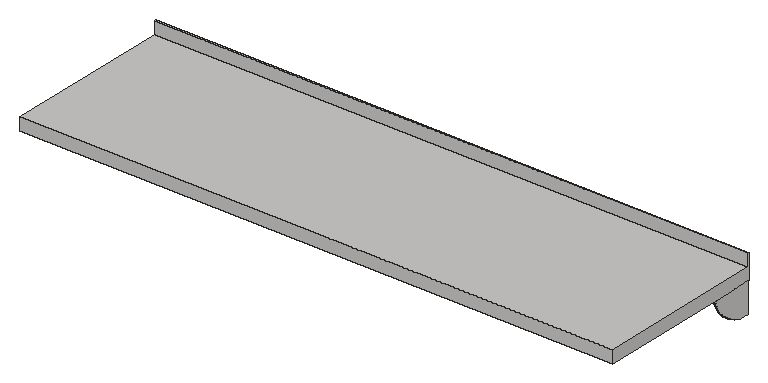
Revit family "QF_ZANUSSI_132825_WSS144N", category Attrezzature speciali, Revit 2020
Family settings
  Quota connettore circolare = Usa diametro
  Tipo di parte = Normale
  Basato su piano di lavoro = No
  Sempre verticale = Sì
  Taglio con vuoti quando caricato = No
  Condiviso = No
  Punto di calcolo locali = No
Parameters (values of type "Standard")
  Weight = 6.00 kg
  Watts = 0 W
  Volts = 0 V
  URL Manufacturer = "http://www.zanussiprofessional.com"
  URL = "http://www.zanussiprofessional.com"
  Steam Supply Size = 0 mm
  Steam Supply Minimum Pressure = 0.0 Pa
  Steam Supply Maximum Pressure = 0.0 Pa
  Steam Consumption per Hour = 0
  Refrigeration Suction Line Size = 0.0 mm
  Refrigeration Liquid Line Size = 0.0 mm
  Refrigerant Compressor Remote = yes
  Prospetto di default = 0.0 mm
  Produttore = "Zanussi"
  Phase = 0
  Modello = "WSS144N"
  Length Actual = 1400.0 mm  # constant formula
  Item Number = "132825"
  Hot Water Size = 0 mm
  Height Actual = 30.0 mm  # constant formula
  HP = "0 HP"
  Gas Size = 0 mm
  Gas KW = 0
  Gas Input Pressure = 0 W
  Direct Waste Size = 0 mm
  Descrizione = "SOLID WALL SHELF WITH BRACKETS 1400 MM"
  Depth Actual = 400.0 mm  # constant formula
  Cycle = 0 Hz
  Condensate Return Size = 0 mm
  Compressed Air Volume = 0.0 L/s
  Compressed Air Size = 0 mm
  Compressed Air Pressure = 0.0 Pa
  Cold Water Size = 0 mm
  Accessory = yes
Reference planes
  plane 1 "Center (Front/Back)": y = 0
  plane 2: z = 0
  plane 3 "Center (Left/Right)": x = -200
  plane 4 "LEFT": x = -900
  plane 5 "RIGHT": x = 500
  plane 6 "BACK": y = 50
  plane 7 "FRONT": y = -350
  plane 8 "TOP": z = 132
  plane 9: z = 102
  plane 10: z = 72
Forms (mm)
  Extrusion 1, solid, material "QF_Finishes_Stainless Steel"
    sketch origin (-200, 0, 0) x (0, 1, 0) y (0, 0, 1)
      loop
        line (48, 102) -> (-350, 102) -> (-350, 72) -> (50, 72) -> (50, 132) -> (48, 132) -> (48, 102)
    from 700 to -700
  Extrusion 2, solid, material "QF_Finishes_Stainless Steel"
    sketch origin (-900, 0, 0) x (0, 1, 0) y (0, 0, 1)
      loop
        line (50, 72) -> (-50, 72)
        arc (-50, 72) -> (-13.401, 19.967) -> (47, 0) r 101.34
        line (47, 0) -> (50, 0) -> (50, 72)
    from 0 to 3
  Extrusion 3, solid, material "QF_Finishes_Stainless Steel"
    sketch origin (500, 0, 0) x (0, 1, 0) y (0, 0, 1)
      loop
        line (50, 72) -> (-50, 72)
        arc (-50, 72) -> (-13.401, 19.967) -> (47, 0) r 101.34
        line (47, 0) -> (50, 0) -> (50, 72)
    from 0 to -3
  Extrusion 4, solid, material "QF_Finishes_Stainless Steel"
    sketch origin (0, 50, 0) x (-1, 0, 0) y (0, 0, 1)
      loop
        line (897, 72) -> (870, 72) -> (870, 0) -> (897, 0) -> (897, 72)
      loop
        arc (878.5, 10) -> (875.5, 7) -> (878.5, 4) r 3
        line (878.5, 4) -> (888.5, 4)
        arc (888.5, 4) -> (891.5, 7) -> (888.5, 10) r 3
        line (888.5, 10) -> (878.5, 10)
    from 0 to -3
  Extrusion 5, solid, material "QF_Finishes_Stainless Steel"
    sketch origin (0, 50, 0) x (1, 0, 0) y (0, 0, -1)
      loop
        line (497, -72) -> (497, 0) -> (470, 0) -> (470, -72) -> (497, -72)
      loop
        line (478.5, -10) -> (488.5, -10)
        arc (488.5, -10) -> (491.5, -7) -> (488.5, -4) r 3
        line (488.5, -4) -> (478.5, -4)
        arc (478.5, -4) -> (475.5, -7) -> (478.5, -10) r 3
    from 0 to -3
Lines and regions (mm)
  symbolic lines
    curve 1: line (500, 50, 132) -> (-900, 50, 132)
    curve 2: line (-900, 50, 132) -> (-900, -350, 132)
    curve 3: line (-900, -350, 132) -> (500, -350, 132)
    curve 4: line (500, -350, 132) -> (500, 50, 132)
    curve 5: line (500, 48, 132) -> (-900, 48, 132)
Dimensions and locks
  plane 4 "LEFT" to plane 5 "RIGHT" = 1400.0 mm
  equal spacing: plane 4 "LEFT", plane 3 "Center (Left/Right)", plane 5 "RIGHT"
  locked: plane 8 "TOP" to level at 132
  plane 6 "BACK" to plane 7 "FRONT" = 400.0 mm
  plane 6 "BACK" to plane 1 "Center (Front/Back)" to plane 7 "FRONT" = 50.0 mm, 350.0 mm
  locked: plane 8 "TOP" to plane 9 at 30
  plane 9 to plane 10 = 30.0 mm
  locked: Extrusion 4 sketch curve to Extrusion 2 at 27
  aligned and locked: level to plane 2
  aligned and locked: Extrusion 1 to plane 4 "LEFT"
  aligned and locked: plane 5 "RIGHT" to Extrusion 1
  aligned and locked: curve 2 to plane 4 "LEFT"
  aligned and locked: Extrusion 1 sketch curve to plane 9
  aligned and locked: Extrusion 4 sketch curve to Extrusion 2
  aligned and locked: Extrusion 4 sketch curve to Extrusion 1
  aligned and locked: Extrusion 4 sketch curve to level
  aligned and locked: plane 6 "BACK" to Extrusion 3 sketch curve
  aligned and locked: Extrusion 3 sketch curve to plane 10
  aligned and locked: Extrusion 3 sketch curve to level
  aligned and locked: plane 6 "BACK" to Extrusion 2 sketch curve
  aligned and locked: Extrusion 2 sketch curve to plane 10
  aligned and locked: Extrusion 2 sketch curve to level
Automatic sketch dimensions
  Extrusion 1 sketch curve to plane 7 "FRONT" = 0.0 mm
  Extrusion 1 sketch curve to plane 8 "TOP" = 0.0 mm
  Extrusion 1 sketch curve to plane 6 "BACK" = 0.0 mm
  Extrusion 1 sketch curve to plane 10 = 0.0 mm
  Extrusion 1 sketch curve to plane 6 "BACK" = 2.0 mm
  Extrusion 2 sketch curve to Extrusion 2 sketch curve = 3.0 mm
  plane 1 "Center (Front/Back)" to Extrusion 2 sketch curve = 50.0 mm
  Extrusion 3 sketch curve to Extrusion 3 sketch curve = 3.0 mm
  plane 1 "Center (Front/Back)" to Extrusion 3 sketch curve = 50.0 mm
  Extrusion 4 sketch curve to Extrusion 4 sketch curve = 8.5 mm
  Extrusion 4 sketch curve to Extrusion 4 sketch curve = 10.0 mm
  level to Extrusion 4 sketch curve = 4.0 mm
  Extrusion 4 sketch curve to Extrusion 4 sketch curve = 3.0 mm
  curve 3 to plane 7 "FRONT" = 0.0 mm
  curve 5 to plane 5 "RIGHT" = 0.0 mm
  curve 4 to plane 6 "BACK" = 0.0 mm
  curve 5 to plane 6 "BACK" = 2.0 mm
  Extrusion 5 sketch curve to plane 10 = 0.0 mm
  Extrusion 5 sketch curve to level = 0.0 mm
  plane 5 "RIGHT" to Extrusion 5 sketch curve = 30.0 mm
  Extrusion 5 sketch curve to Extrusion 5 sketch curve = 8.5 mm
  Extrusion 5 sketch curve to Extrusion 5 sketch curve = 10.0 mm
  plane 5 "RIGHT" to Extrusion 5 sketch curve = 3.0 mm
  Extrusion 5 sketch curve to level = 4.0 mm
  Extrusion 5 sketch curve to Extrusion 5 sketch curve = 3.0 mm
